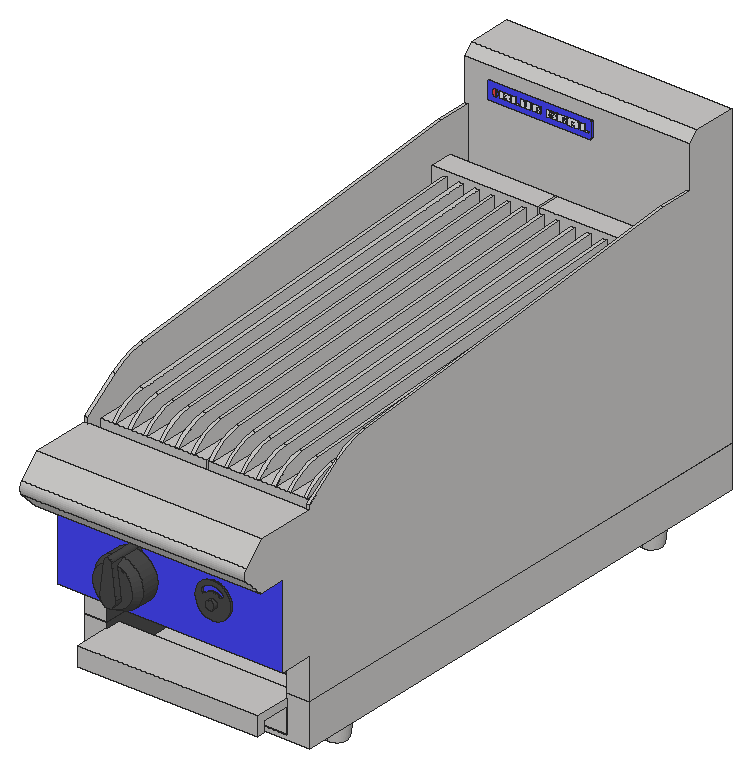
Revit family "QF_MOFFAT_BLUESEAL_AU_G592_B", category Specialty Equipment, Revit 2012
Parameters
  Weight in Pounds = 138
  URL Cutsheet = "www.moffat.com"
  URL = "www.moffat.com"
  Type Mark [instance] = ""
  Status [instance] = ""
  Specification by User [instance] = ""
  Specification by Manufacturer = ""
  Show Logo [instance] = yes
  Serial Number = ""
  Seismic Rating = ""
  SMACNA No = ""
  Revision Code [instance] = ""
  Omniclass Number and Title = ""
  NAFEM Spec ID Number = ""
  Model = "G592-B"
  Mechanical Remarks [instance] = ""
  Mechanical Connection Type [instance] = ""
  Masterspec = ""
  Manufacturer = "MOFFAT BLUESEAL"
  Item Number [instance] = ""
  Installed By [instance] = ""
  Identify Quantity as Lot [instance] = yes
  Gas Size = 1/2"
  Gas RI Height [instance] = 0 mm
  Gas KW = 9.8
  Gas Input [instance] = 31277.0 Btu/h
  Gas Connection Height = 0 mm
  Furnished By [instance] = ""
  Foodservice Equipment Identifier [instance] = yes
  Description = "300MM GAS CHARGRILL BENCH MOUNT"
  CSI MasterFormat = ""
  CSI Master Format = ""
  Body Finish = QF_Finishes_Stainless Steel
Reference planes
  plane 1 "BACK": y = 0
  plane 2: z = 0
  plane 3 "LEFT": x = 0
  plane 4 "RIGHT": x = 300
  plane 5 "FRONT": y = -812
  plane 6 "TOP": z = 630
  plane 7 "Center Y": x = 150
  plane 8 "Center X": y = -406
  plane 9: z = 485
  plane 10: x = 27.5
  plane 11: x = 272.5
  plane 12: y = -100
  plane 13: y = -625
Forms (mm)
  Extrusion 1, solid, material "QF_Finishes_Stainless Steel" <- "Body Finish"
    sketch origin (0, 0, -158) x (0, 1, 0) y (0, 0, 1)
      loop
        line (-748.2, 297.56) -> (-704.45, 297.56) -> (-704.45, 243.56) -> (0, 243.56) -> (0, 643) -> (-57.96, 643) -> (-70, 630.96) -> (-70, 434) -> (-704.45, 434) -> (-704.45, 472.56) -> (-784.2, 472.56) -> (-808.685, 448.074)
        arc (-808.685, 448.074) -> (-812.2, 439.589) -> (-808.685, 431.104) r 12
        line (-808.685, 431.104) -> (-785.201, 407.619) -> (-748.2, 407.619) -> (-748.2, 297.56)
      loop
        line (0, 187.56) -> (0, 242.766) -> (-704.45, 242.766) -> (-704.45, 187.56) -> (0, 187.56)
    from 0 to 300
  Revolve 2, solid, material "QF_Finishes_Stainless Steel" <- "Body Finish"
    sketch origin (27.5, -728, 0) x (0, 1, 0) y (0, 0, 1)
      loop
        line (85.093, 26.613) -> (88.8, 0) -> (103, 0) -> (103, 26.613) -> (85.093, 26.613)
      axis (103, 26.613) -> (103, 0)
    angle from 0 to 360
  Revolve 3, solid, material "QF_Finishes_Stainless Steel" <- "Body Finish"
    sketch origin (27.5, -210, 0) x (0, 1, 0) y (0, 0, 1)
      loop
        line (92.093, 26.613) -> (95.8, 0) -> (110, 0) -> (110, 26.613) -> (92.093, 26.613)
      axis (110, 26.613) -> (110, 0)
    angle from 0 to 360
  Extrusion 4, solid, material "QF_Finishes_Stainless Steel" <- "Body Finish"
    sketch origin (0, 0, -99) x (0, 1, 0) y (0, 0, 1)
      loop
        line (-70, 375) -> (-70, 516.56) -> (-113.86, 516.56) -> (-610.713, 468.718)
        arc (-610.713, 468.718) -> (-634.92, 463.296) -> (-657.048, 452.083) r 100
        line (-657.048, 452.083) -> (-704.45, 420.11) -> (-704.45, 375) -> (-70, 375)
    from 0 to 4.5
  Extrusion 5, solid, material "QF_Finishes_Stainless Steel" <- "Body Finish"
    sketch origin (300, 0, -98.388) x (0, -1, 0) y (0, 0, 1)
      loop
        line (70, 374.388) -> (704.45, 374.388) -> (704.45, 419.498) -> (657.048, 451.471)
        arc (657.048, 451.471) -> (634.92, 462.685) -> (610.713, 468.107) r 100
        line (610.713, 468.107) -> (113.86, 515.948) -> (70, 515.948) -> (70, 374.388)
    from 0 to 3
  Revolve 6, solid, material "QF_Finishes_Black"
    sketch origin (108, 7.8, -102.64) x (0, 1, 0) y (0, 0, 1)
      loop
        line (-789, 329.5) -> (-800, 323.651) -> (-800, 297) -> (-756, 297) -> (-756, 302) -> (-766, 302) -> (-766, 329.5) -> (-789, 329.5)
      axis (-800, 297) -> (-756, 297)
    angle from 0 to 360
  Extrusion 7, solid, material "QF_Finishes_Black"
    sketch origin (-30.113, 7.8, -102.64) x (1, 0, 0) y (0, 0, 1)
      loop
        line (148.532, 286.195) -> (143.111, 329.113)
        arc (143.111, 329.113) -> (138.113, 334) -> (133.114, 329.113) r 5
        line (133.114, 329.113) -> (127.625, 285.028)
        arc (127.625, 285.028) -> (138.697, 274.529) -> (148.532, 286.195) r 10.487
    from 759 to 808
  Extrusion 8, solid, material "QF_Finishes_Stainless Steel"
    sketch origin (276, 0, -98.388) x (0, 1, 0) y (0, 0, 1)
      loop
        line (-132, 410.364) -> (-132, 462.849) -> (-637.852, 432.53)
        arc (-637.852, 432.53) -> (-663.098, 425.97) -> (-684, 410.364) r 67.81
        line (-684, 410.364) -> (-132, 410.364)
    from 0 to 4.5
  Extrusion 9, solid, material "QF_Finishes_Stainless Steel"
    sketch origin (255, 0, -98.388) x (0, 1, 0) y (0, 0, 1)
      loop
        line (-132, 410.364) -> (-132, 462.849) -> (-637.852, 432.53)
        arc (-637.852, 432.53) -> (-663.098, 425.97) -> (-684, 410.364) r 67.81
        line (-684, 410.364) -> (-132, 410.364)
    from 0 to 4.5
  Extrusion 10, solid, material "QF_Finishes_Stainless Steel"
    sketch origin (234, 0, -98.388) x (0, 1, 0) y (0, 0, 1)
      loop
        line (-132, 410.364) -> (-132, 462.849) -> (-637.852, 432.53)
        arc (-637.852, 432.53) -> (-663.098, 425.97) -> (-684, 410.364) r 67.81
        line (-684, 410.364) -> (-132, 410.364)
    from 0 to 4.5
  Extrusion 11, solid, material "QF_Finishes_Stainless Steel"
    sketch origin (213, 0, -98.388) x (0, 1, 0) y (0, 0, 1)
      loop
        line (-132, 410.364) -> (-132, 462.849) -> (-637.852, 432.53)
        arc (-637.852, 432.53) -> (-663.098, 425.97) -> (-684, 410.364) r 67.81
        line (-684, 410.364) -> (-132, 410.364)
    from 0 to 4.5
  Extrusion 12, solid, material "QF_Finishes_Stainless Steel"
    sketch origin (192, 0, -98.388) x (0, 1, 0) y (0, 0, 1)
      loop
        line (-132, 410.364) -> (-132, 462.849) -> (-637.852, 432.53)
        arc (-637.852, 432.53) -> (-663.098, 425.97) -> (-684, 410.364) r 67.81
        line (-684, 410.364) -> (-132, 410.364)
    from 0 to 4.5
  Extrusion 13, solid, material "QF_Finishes_Stainless Steel"
    sketch origin (171, 0, -98.388) x (0, 1, 0) y (0, 0, 1)
      loop
        line (-132, 410.364) -> (-132, 462.849) -> (-637.852, 432.53)
        arc (-637.852, 432.53) -> (-663.098, 425.97) -> (-684, 410.364) r 67.81
        line (-684, 410.364) -> (-132, 410.364)
    from 0 to 4.5
  Extrusion 14, solid, material "QF_Finishes_Stainless Steel"
    sketch origin (150, 0, -98.388) x (0, 1, 0) y (0, 0, 1)
      loop
        line (-132, 410.364) -> (-132, 462.849) -> (-637.852, 432.53)
        arc (-637.852, 432.53) -> (-663.098, 425.97) -> (-684, 410.364) r 67.81
        line (-684, 410.364) -> (-132, 410.364)
    from 0 to 4.5
  Extrusion 15, solid, material "QF_Finishes_Stainless Steel"
    sketch origin (126, 0, -98.388) x (0, 1, 0) y (0, 0, 1)
      loop
        line (-132, 410.364) -> (-132, 462.849) -> (-637.852, 432.53)
        arc (-637.852, 432.53) -> (-663.098, 425.97) -> (-684, 410.364) r 67.81
        line (-684, 410.364) -> (-132, 410.364)
    from 0 to 4.5
  Extrusion 16, solid, material "QF_Finishes_Stainless Steel"
    sketch origin (105, 0, -98.388) x (0, 1, 0) y (0, 0, 1)
      loop
        line (-132, 410.364) -> (-132, 462.849) -> (-637.852, 432.53)
        arc (-637.852, 432.53) -> (-663.098, 425.97) -> (-684, 410.364) r 67.81
        line (-684, 410.364) -> (-132, 410.364)
    from 0 to 4.5
  Extrusion 17, solid, material "QF_Finishes_Stainless Steel"
    sketch origin (84, 0, -98.388) x (0, 1, 0) y (0, 0, 1)
      loop
        line (-132, 410.364) -> (-132, 462.849) -> (-637.852, 432.53)
        arc (-637.852, 432.53) -> (-663.098, 425.97) -> (-684, 410.364) r 67.81
        line (-684, 410.364) -> (-132, 410.364)
    from 0 to 4.5
  Extrusion 18, solid, material "QF_Finishes_Stainless Steel"
    sketch origin (63, 0, -98.388) x (0, 1, 0) y (0, 0, 1)
      loop
        line (-132, 410.364) -> (-132, 462.849) -> (-637.852, 432.53)
        arc (-637.852, 432.53) -> (-663.098, 425.97) -> (-684, 410.364) r 67.81
        line (-684, 410.364) -> (-132, 410.364)
    from 0 to 4.5
  Extrusion 19, solid, material "QF_Finishes_Stainless Steel"
    sketch origin (42, 0, -98.388) x (0, 1, 0) y (0, 0, 1)
      loop
        line (-132, 410.364) -> (-132, 462.849) -> (-637.852, 432.53)
        arc (-637.852, 432.53) -> (-663.098, 425.97) -> (-684, 410.364) r 67.81
        line (-684, 410.364) -> (-132, 410.364)
    from 0 to 4.5
  Extrusion 20, solid, material "QF_Finishes_Stainless Steel"
    sketch origin (21, 0, -98.388) x (0, 1, 0) y (0, 0, 1)
      loop
        line (-132, 410.364) -> (-132, 462.849) -> (-637.852, 432.53)
        arc (-637.852, 432.53) -> (-663.098, 425.97) -> (-684, 410.364) r 67.81
        line (-684, 410.364) -> (-132, 410.364)
    from 0 to 4.5
  Extrusion 21, solid, material "QF_Finishes_Stainless Steel"
    sketch origin (76, 3, -500) x (1, 0, 0) y (0, 1, 0)
      loop
        circle (140, -26) r 13.5
    from 539 to 585
  Extrusion 22, solid, material "QF_Finishes_Stainless Steel"
    sketch origin (0, 0, -98.388) x (0, 1, 0) y (0, 0, 1)
      loop
        line (-132, 410.364) -> (-684, 410.364) -> (-684, 375) -> (-102, 375) -> (-102, 470) -> (-132, 470) -> (-132, 410.364)
    from 4.5 to 147
  Extrusion 23, solid, material "QF_Finishes_Stainless Steel"
    sketch origin (145.5, 0, -98.388) x (0, 1, 0) y (0, 0, 1)
      loop
        line (-132, 410.364) -> (-684, 410.364) -> (-684, 375) -> (-102, 375) -> (-102, 470) -> (-132, 470) -> (-132, 410.364)
    from 4.5 to 151.5
  Extrusion 24, solid, material "QF_Finishes_Black"
    sketch origin (0, -748.2, 139.56) x (0, 0, 1) y (-1, 0, 0)
      loop
        circle (54.201, -208) r 23.9
      loop
        arc (61.56, -216.419) -> (60.7, -221.219) -> (65.5, -222.079) r 3.448
        arc (65.5, -222.079) -> (72.085, -207.341) -> (64.282, -193.209) r 18.095
        arc (64.282, -193.209) -> (59.56, -194.491) -> (60.875, -199.204) r 3.448
        arc (60.875, -199.204) -> (64.443, -207.683) -> (61.56, -216.419) r 13.109
    from 0 to 2
  Extrusion 25, solid, material "QF_Finishes_Black"
    sketch origin (0, -750.2, 139.56) x (0, 0, 1) y (-1, 0, 0)
      loop
        circle (50.701, -208) r 5.75
    from 0 to 5
  Extrusion 26, void
    sketch origin (0, -704.45, 85.56) x (0, 0, -1) y (-1, 0, 0)
      loop
        line (50, -30) -> (-49, -30) -> (-49, -270) -> (50, -270) -> (50, -30)
    from 0 to 100
  Extrusion 27, solid, material "QF_Finishes_Stainless Steel"
    sketch origin (30, -704.45, 30.56) x (0, 0, 1) y (0, -1, 0)
      loop
        line (23.144, 47.968) -> (23.144, 37.968) -> (38.144, 37.968) -> (38.144, 0) -> (6.348, 0) -> (6.348, -17.956) -> (48.144, -17.956) -> (48.144, 47.968) -> (23.144, 47.968)
    from 0 to 240
  Revolve 28, solid, material "QF_Finishes_Stainless Steel" <- "Body Finish"
    sketch origin (272.5, -728, 0) x (0, 1, 0) y (0, 0, 1)
      loop
        line (85.093, 26.613) -> (88.8, 0) -> (103, 0) -> (103, 26.613) -> (85.093, 26.613)
      axis (103, 26.613) -> (103, 0)
    angle from 0 to 360
  Revolve 29, solid, material "QF_Finishes_Stainless Steel" <- "Body Finish"
    sketch origin (272.5, -210, 0) x (0, 1, 0) y (0, 0, 1)
      loop
        line (92.093, 26.613) -> (95.8, 0) -> (110, 0) -> (110, 26.613) -> (92.093, 26.613)
      axis (110, 26.613) -> (110, 0)
    angle from 0 to 360
Cuts and joins
  joined: Revolve 6, Extrusion 7
  Extrusion 26 cuts Extrusion 1
  Extrusion 26 cuts Extrusion 4
  Extrusion 26 cuts Extrusion 5
  joined: Extrusion 1, Extrusion 4, Extrusion 5
Lines and regions (mm)
  Split face 1
    outline origin (300, 0, 485) x (-1, 0, 0) y (0, -1, 0)
      loop
        arc (24, 45.385) -> (15.34, 40.385) -> (15.34, 30.385) r 10
        line (15.34, 30.385) -> (19.381, 23.385)
        arc (19.381, 23.385) -> (23.041, 19.725) -> (28.041, 18.385) r 10
        line (28.041, 18.385) -> (256, 18.385)
        arc (256, 18.385) -> (264.66, 23.385) -> (264.66, 33.385) r 10
        line (264.66, 33.385) -> (260.619, 40.385)
        arc (260.619, 40.385) -> (256.959, 44.045) -> (251.959, 45.385) r 10
        line (251.959, 45.385) -> (24, 45.385)
  symbolic lines
    curve 1: line (0, 0, 0) -> (0, -812, 0)
    curve 2: line (300, 0, 0) -> (0, 0, 0)
    curve 3: line (300, -812, 0) -> (300, 0, 0)
    curve 4: line (0, -70, 0) -> (300, -70, 0)
    curve 5: line (0, -812, 0) -> (300, -812, 0)
    curve 6: line (300, -712, 0) -> (0, -712, 0)
    curve 7: line (4.5, -712, 0) -> (4.5, -70, 0)
    curve 8: line (297, -70, 0) -> (297, -712, 0)
    curve 9: line (0, -784.2, 0) -> (300, -784.2, 0)
    curve 10: line (297, -704.45, 0) -> (4.5, -704.45, 0)
    curve 11: line (0, -57.96, 0) -> (300, -57.96, 0)
    curve 12: line (276, -45.385, 0) -> (48.041, -45.385, 0)
    curve 13: arc (48.041, -45.385, 0) -> (43.041, -44.045, 0) -> (39.381, -40.385, 0) r 10
    curve 14: line (39.381, -40.385, 0) -> (35.34, -33.385, 0)
    curve 15: arc (35.34, -33.385, 0) -> (35.34, -23.385, 0) -> (44, -18.385, 0) r 10
    curve 16: line (44, -18.385, 0) -> (271.959, -18.385, 0)
    curve 17: arc (271.959, -18.385, 0) -> (276.959, -19.725, 0) -> (280.619, -23.385, 0) r 10
    curve 18: line (280.619, -23.385, 0) -> (284.66, -30.385, 0)
    curve 19: arc (284.66, -30.385, 0) -> (284.66, -40.385, 0) -> (276, -45.385, 0) r 10
    curve 20: line (150, -102, 0) -> (150, -684, 0)
    curve 21: line (297, -102, 0) -> (150, -102, 0)
    curve 22: line (21, -132, 0) -> (21, -684, 0)
    curve 23: line (42, -132, 0) -> (42, -684, 0)
    curve 24: line (63, -132, 0) -> (63, -684, 0)
    curve 25: line (84, -132, 0) -> (84, -684, 0)
    curve 26: line (105, -132, 0) -> (105, -684, 0)
    curve 27: line (126, -132, 0) -> (126, -684, 0)
    curve 28: line (154.5, -684, 0) -> (154.5, -132, 0)
    curve 29: line (171, -132, 0) -> (171, -684, 0)
    curve 30: line (192, -132, 0) -> (192, -684, 0)
    curve 31: line (213, -132, 0) -> (213, -684, 0)
    curve 32: line (234, -132, 0) -> (234, -684, 0)
    curve 33: line (255, -132, 0) -> (255, -684, 0)
    curve 34: line (276, -132, 0) -> (276, -684, 0)
    curve 35: line (150, -132, 0) -> (297, -132, 0)
    curve 36: line (150, -684, 0) -> (297, -684, 0)
    curve 37: line (4.5, -684, 0) -> (147, -684, 0)
    curve 38: line (4.5, -132, 0) -> (147, -132, 0)
    curve 39: line (147, -102, 0) -> (4.5, -102, 0)
    curve 40: line (147, -684, 0) -> (147, -102, 0)
Dimensions and locks
  equal spacing: plane 3 "LEFT", plane 7 "Center Y", plane 4 "RIGHT"
  plane 3 "LEFT" to plane 4 "RIGHT" = 300 mm
  equal spacing: plane 5 "FRONT", plane 8 "Center X", plane 1 "BACK"
  plane 5 "FRONT" to plane 1 "BACK" = 812 mm  (x2)
  equal spacing: plane 4 "RIGHT", plane 7 "Center Y", plane 3 "LEFT"
  plane 4 "RIGHT" to plane 3 "LEFT" = 300 mm
  Extrusion 21 to level = 39 mm
  Extrusion 21 to plane 1 "BACK" = 23 mm
  cut or joined group of Extrusion 1, Extrusion 4, Extrusion 5, Extrusion 26 to plane 1 "BACK" = 70 mm
  plane 9 to plane 2 = 485 mm
  plane 10 to plane 11 = 245 mm
  Extrusion 21 sketch curve to plane 1 "BACK" = 23 mm
  plane 3 "LEFT" to Extrusion 21 sketch curve = 216 mm
  plane 1 "BACK" to cut or joined group of Extrusion 1, Extrusion 4, Extrusion 5, Extrusion 26 = 70 mm
  plane 2 to Extrusion 21 = 39 mm
  plane 12 to plane 13 = 525 mm
  plane 1 "BACK" to plane 12 = 100 mm
  plane 2 to cut or joined group of Extrusion 1, Extrusion 4, Extrusion 5, Extrusion 26 = 29.56 mm
  cut or joined group of Extrusion 1, Extrusion 4, Extrusion 5, Extrusion 26 to plane 2 = 314.56 mm
  aligned and locked: level to plane 2
  aligned and locked: curve 3 to plane 4 "RIGHT"
Automatic sketch dimensions
  plane 1 "BACK" to curve 1 = 0 mm
  curve 1 to plane 3 "LEFT" = 0 mm
  plane 5 "FRONT" to curve 3 = 0 mm
  plane 3 "LEFT" to curve 7 = 4.5 mm
  plane 4 "RIGHT" to curve 8 = 3 mm
  curve 9 to plane 5 "FRONT" = 27.8 mm
  curve 8 to curve 10 = 7.55 mm
  plane 1 "BACK" to curve 7 = 70 mm
  Extrusion 1 sketch curve to plane 9 = 0 mm
  Extrusion 1 sketch curve to plane 1 "BACK" = 0 mm  (x2)
  plane 1 "BACK" to Extrusion 1 sketch curve = 57.96 mm
  Extrusion 1 sketch curve to plane 9 = 12.04 mm
  Extrusion 1 sketch curve to Extrusion 1 sketch curve = 12.04 mm
  Extrusion 1 sketch curve to plane 5 "FRONT" = 107.55 mm  (x2)
  Extrusion 1 sketch curve to Extrusion 1 sketch curve = 0 mm
  Extrusion 1 sketch curve to Extrusion 1 sketch curve = 43.75 mm
  Extrusion 1 sketch curve to plane 5 "FRONT" = 27.8 mm
  Extrusion 1 sketch curve to plane 5 "FRONT" = 26.799 mm
  Extrusion 1 sketch curve to plane 5 "FRONT" = 11.8 mm
  Extrusion 1 sketch curve to plane 5 "FRONT" = 3.315 mm  (x2)
  Extrusion 1 sketch curve to plane 9 = 170.44 mm
  Extrusion 1 sketch curve to Extrusion 1 sketch curve = 24.486 mm
  Extrusion 1 sketch curve to Extrusion 1 sketch curve = 8.485 mm
  Extrusion 1 sketch curve to Extrusion 1 sketch curve = 38.56 mm
  Extrusion 1 sketch curve to Extrusion 1 sketch curve = 26.381 mm
  Extrusion 1 sketch curve to Extrusion 1 sketch curve = 110.059 mm
  Extrusion 1 sketch curve to Extrusion 1 sketch curve = 54 mm
  Extrusion 1 sketch curve to Extrusion 1 sketch curve = 0.794 mm
  level to Extrusion 1 sketch curve = 29.56 mm
  Revolve 2 sketch curve to level = 0 mm  (x2)
  level to Revolve 2 sketch curve = 26.613 mm
  Revolve 2 sketch curve to plane 5 "FRONT" = 169.093 mm
  Revolve 2 sketch curve to Revolve 2 sketch curve = 3.707 mm
  Revolve 2 sketch curve to Revolve 2 sketch curve = 17.907 mm
  Revolve 2 sketch curve to Revolve 2 sketch curve = 0 mm  (x2)
  Revolve 3 sketch curve to level = 0 mm
  level to Revolve 3 sketch curve = 26.613 mm
  plane 1 "BACK" to Revolve 3 sketch curve = 117.907 mm
  Revolve 3 sketch curve to Revolve 3 sketch curve = 3.707 mm
  Revolve 3 sketch curve to Revolve 3 sketch curve = 17.907 mm
  Revolve 3 sketch curve to Revolve 3 sketch curve = 14.2 mm
  Revolve 3 sketch curve to Revolve 3 sketch curve = 55 mm
  Revolve 3 sketch curve to Revolve 3 sketch curve = 23.387 mm
  Extrusion 4 sketch curve to plane 5 "FRONT" = 107.55 mm
  Extrusion 4 sketch curve to Extrusion 4 sketch curve = 47.402 mm
  Extrusion 4 sketch curve to Extrusion 4 sketch curve = 46.335 mm
  Extrusion 4 sketch curve to Extrusion 4 sketch curve = 55.919 mm
  plane 1 "BACK" to Extrusion 4 sketch curve = 113.86 mm
  plane 1 "BACK" to Extrusion 4 sketch curve = 70 mm
  Extrusion 4 sketch curve to plane 9 = 214.821 mm
  Extrusion 4 sketch curve to Extrusion 4 sketch curve = 5.821 mm
  Extrusion 4 sketch curve to Extrusion 4 sketch curve = 45.11 mm
  Extrusion 4 sketch curve to Extrusion 4 sketch curve = 31.973 mm
  Extrusion 4 sketch curve to plane 9 = 67.44 mm
  plane 1 "BACK" to Extrusion 5 sketch curve = 70 mm
  Extrusion 5 sketch curve to Extrusion 5 sketch curve = 43.86 mm
  Extrusion 5 sketch curve to plane 8 "Center X" = 195.129 mm
  Extrusion 5 sketch curve to Extrusion 5 sketch curve = 9.585 mm
  Extrusion 5 sketch curve to Extrusion 5 sketch curve = 46.335 mm
  Extrusion 5 sketch curve to Extrusion 5 sketch curve = 47.402 mm
  Extrusion 5 sketch curve to plane 9 = 214.821 mm
  Extrusion 5 sketch curve to Extrusion 5 sketch curve = 5.821 mm
  Extrusion 5 sketch curve to Extrusion 5 sketch curve = 45.11 mm
  Extrusion 5 sketch curve to Extrusion 5 sketch curve = 31.973 mm
  Extrusion 5 sketch curve to plane 9 = 67.44 mm
  Revolve 6 sketch curve to plane 5 "FRONT" = 19.8 mm
  Revolve 6 sketch curve to Revolve 6 sketch curve = 0 mm  (x2)
  Revolve 6 sketch curve to Revolve 6 sketch curve = 11 mm
  Revolve 6 sketch curve to Revolve 6 sketch curve = 12.7 mm
  Revolve 6 sketch curve to Revolve 6 sketch curve = 23 mm
  Revolve 6 sketch curve to Revolve 6 sketch curve = 10 mm
  level to Revolve 6 sketch curve = 194.36 mm
  Revolve 6 sketch curve to Revolve 6 sketch curve = 5 mm
  Revolve 6 sketch curve to Revolve 6 sketch curve = 26.651 mm
  Revolve 6 sketch curve to Revolve 6 sketch curve = 5.849 mm
  Extrusion 7 sketch curve to plane 7 "Center Y" = 52.487 mm
  Extrusion 7 sketch curve to Extrusion 7 sketch curve = 5.489 mm
  Extrusion 7 sketch curve to Extrusion 7 sketch curve = 4.999 mm  (x2)
  Extrusion 7 sketch curve to Extrusion 7 sketch curve = 10.487 mm
  Extrusion 7 sketch curve to Extrusion 7 sketch curve = 10.419 mm
  level to Extrusion 7 sketch curve = 182.36 mm
  Extrusion 7 sketch curve to Extrusion 7 sketch curve = 0.028 mm
  Extrusion 7 sketch curve to Extrusion 7 sketch curve = 44 mm
  Extrusion 7 sketch curve to Extrusion 7 sketch curve = 0.113 mm
  Extrusion 8 sketch curve to plane 5 "FRONT" = 128 mm
  Extrusion 8 sketch curve to Extrusion 8 sketch curve = 46.148 mm
  Extrusion 8 sketch curve to Extrusion 8 sketch curve = 4.114 mm
  plane 1 "BACK" to Extrusion 8 sketch curve = 132 mm
  Extrusion 8 sketch curve to plane 9 = 218.543 mm
  Extrusion 8 sketch curve to plane 9 = 173.025 mm
  Extrusion 8 sketch curve to Extrusion 8 sketch curve = 52.486 mm
  Extrusion 9 sketch curve to plane 5 "FRONT" = 128 mm
  Extrusion 9 sketch curve to Extrusion 9 sketch curve = 46.148 mm
  Extrusion 9 sketch curve to Extrusion 9 sketch curve = 4.114 mm
  plane 1 "BACK" to Extrusion 9 sketch curve = 132 mm
  Extrusion 9 sketch curve to plane 9 = 218.543 mm
  Extrusion 9 sketch curve to plane 9 = 173.025 mm
  Extrusion 9 sketch curve to Extrusion 9 sketch curve = 52.486 mm
  Extrusion 10 sketch curve to plane 5 "FRONT" = 128 mm
  Extrusion 10 sketch curve to Extrusion 10 sketch curve = 46.148 mm
  Extrusion 10 sketch curve to Extrusion 10 sketch curve = 4.114 mm
  plane 1 "BACK" to Extrusion 10 sketch curve = 132 mm
  Extrusion 10 sketch curve to plane 9 = 218.543 mm
  Extrusion 10 sketch curve to plane 9 = 173.025 mm
  Extrusion 10 sketch curve to Extrusion 10 sketch curve = 52.486 mm
  Extrusion 11 sketch curve to plane 5 "FRONT" = 128 mm
  Extrusion 11 sketch curve to Extrusion 11 sketch curve = 46.148 mm
  Extrusion 11 sketch curve to Extrusion 11 sketch curve = 4.114 mm
  plane 1 "BACK" to Extrusion 11 sketch curve = 132 mm
  Extrusion 11 sketch curve to plane 9 = 218.543 mm
  Extrusion 11 sketch curve to plane 9 = 173.025 mm
  Extrusion 11 sketch curve to Extrusion 11 sketch curve = 52.486 mm
  Extrusion 12 sketch curve to plane 5 "FRONT" = 128 mm
  Extrusion 12 sketch curve to Extrusion 12 sketch curve = 46.148 mm
  Extrusion 12 sketch curve to Extrusion 12 sketch curve = 4.114 mm
  plane 1 "BACK" to Extrusion 12 sketch curve = 132 mm
  Extrusion 12 sketch curve to plane 9 = 218.543 mm
  Extrusion 12 sketch curve to plane 9 = 173.025 mm
  Extrusion 12 sketch curve to Extrusion 12 sketch curve = 52.486 mm
  Extrusion 13 sketch curve to plane 5 "FRONT" = 128 mm
  Extrusion 13 sketch curve to Extrusion 13 sketch curve = 46.148 mm
  Extrusion 13 sketch curve to Extrusion 13 sketch curve = 50.262 mm
  plane 1 "BACK" to Extrusion 13 sketch curve = 132 mm
  Extrusion 13 sketch curve to plane 9 = 218.543 mm
  Extrusion 13 sketch curve to plane 9 = 173.025 mm
  Extrusion 13 sketch curve to Extrusion 13 sketch curve = 52.486 mm
  Extrusion 14 sketch curve to plane 5 "FRONT" = 128 mm
  Extrusion 14 sketch curve to Extrusion 14 sketch curve = 46.148 mm
  Extrusion 14 sketch curve to Extrusion 14 sketch curve = 50.262 mm
  plane 1 "BACK" to Extrusion 14 sketch curve = 132 mm
  Extrusion 14 sketch curve to plane 9 = 218.543 mm
  Extrusion 14 sketch curve to plane 9 = 173.025 mm
  Extrusion 14 sketch curve to Extrusion 14 sketch curve = 52.486 mm
  Extrusion 15 sketch curve to plane 5 "FRONT" = 128 mm
  Extrusion 15 sketch curve to Extrusion 15 sketch curve = 46.148 mm
  Extrusion 15 sketch curve to Extrusion 15 sketch curve = 4.114 mm
  plane 1 "BACK" to Extrusion 15 sketch curve = 132 mm
  Extrusion 15 sketch curve to plane 9 = 218.543 mm
  Extrusion 15 sketch curve to plane 9 = 173.025 mm
  Extrusion 15 sketch curve to Extrusion 15 sketch curve = 52.486 mm
  Extrusion 16 sketch curve to plane 5 "FRONT" = 128 mm
  Extrusion 16 sketch curve to Extrusion 16 sketch curve = 46.148 mm
  Extrusion 16 sketch curve to Extrusion 16 sketch curve = 4.114 mm
  plane 1 "BACK" to Extrusion 16 sketch curve = 132 mm
  Extrusion 16 sketch curve to plane 9 = 218.543 mm
  Extrusion 16 sketch curve to plane 9 = 173.025 mm
  Extrusion 16 sketch curve to Extrusion 16 sketch curve = 52.486 mm
  Extrusion 17 sketch curve to plane 5 "FRONT" = 128 mm
  Extrusion 17 sketch curve to Extrusion 17 sketch curve = 46.148 mm
  Extrusion 17 sketch curve to Extrusion 17 sketch curve = 4.114 mm
  plane 1 "BACK" to Extrusion 17 sketch curve = 132 mm
  Extrusion 17 sketch curve to plane 9 = 218.543 mm
  Extrusion 17 sketch curve to plane 9 = 173.025 mm
  Extrusion 17 sketch curve to Extrusion 17 sketch curve = 52.486 mm
  Extrusion 18 sketch curve to plane 5 "FRONT" = 128 mm
  Extrusion 18 sketch curve to Extrusion 18 sketch curve = 46.148 mm
  Extrusion 18 sketch curve to Extrusion 18 sketch curve = 4.114 mm
  plane 1 "BACK" to Extrusion 18 sketch curve = 132 mm
  Extrusion 18 sketch curve to plane 9 = 218.543 mm
  Extrusion 18 sketch curve to plane 9 = 173.025 mm
  Extrusion 18 sketch curve to Extrusion 18 sketch curve = 52.486 mm
  Extrusion 19 sketch curve to plane 5 "FRONT" = 128 mm
  Extrusion 19 sketch curve to Extrusion 19 sketch curve = 46.148 mm
  Extrusion 19 sketch curve to Extrusion 19 sketch curve = 4.114 mm
  plane 1 "BACK" to Extrusion 19 sketch curve = 132 mm
  Extrusion 19 sketch curve to plane 9 = 218.543 mm
  Extrusion 19 sketch curve to plane 9 = 173.025 mm
  Extrusion 19 sketch curve to Extrusion 19 sketch curve = 52.486 mm
  Extrusion 20 sketch curve to plane 5 "FRONT" = 128 mm
  Extrusion 20 sketch curve to Extrusion 20 sketch curve = 46.148 mm
  Extrusion 20 sketch curve to Extrusion 20 sketch curve = 4.114 mm
  plane 1 "BACK" to Extrusion 20 sketch curve = 132 mm
  Extrusion 20 sketch curve to plane 9 = 218.543 mm
  Extrusion 20 sketch curve to plane 9 = 173.025 mm
  Extrusion 20 sketch curve to Extrusion 20 sketch curve = 52.486 mm
  Extrusion 22 sketch curve to plane 5 "FRONT" = 128 mm
  plane 1 "BACK" to Extrusion 22 sketch curve = 132 mm
  Extrusion 22 sketch curve to Extrusion 22 sketch curve = 30 mm
  Extrusion 22 sketch curve to plane 9 = 208.388 mm
  Extrusion 22 sketch curve to Extrusion 22 sketch curve = 35.364 mm
  Extrusion 22 sketch curve to Extrusion 22 sketch curve = 59.636 mm
  Extrusion 23 sketch curve to plane 5 "FRONT" = 128 mm
  plane 1 "BACK" to Extrusion 23 sketch curve = 132 mm
  Extrusion 23 sketch curve to Extrusion 23 sketch curve = 30 mm
  Extrusion 23 sketch curve to plane 9 = 208.388 mm
  Extrusion 23 sketch curve to Extrusion 23 sketch curve = 35.364 mm
  Extrusion 23 sketch curve to Extrusion 23 sketch curve = 59.636 mm
  Extrusion 1 to Extrusion 24 sketch curve = 51.343 mm
  Extrusion 24 sketch curve to Extrusion 24 sketch curve = 2.662 mm
  Extrusion 24 sketch curve to Extrusion 24 sketch curve = 0.195 mm
  Extrusion 24 sketch curve to Extrusion 24 sketch curve = 6.674 mm
  Extrusion 24 sketch curve to Extrusion 24 sketch curve = 7.359 mm
  Extrusion 24 sketch curve to Extrusion 24 sketch curve = 1.683 mm
  Extrusion 24 sketch curve to Extrusion 24 sketch curve = 1.97 mm  (x2)
  Extrusion 24 sketch curve to Extrusion 24 sketch curve = 1.724 mm
  Extrusion 1 to Extrusion 24 sketch curve = 77.921 mm
  Extrusion 24 sketch curve to Extrusion 24 sketch curve = 2.83 mm
  Extrusion 24 sketch curve to Extrusion 24 sketch curve = 8.215 mm
  Extrusion 24 sketch curve to Extrusion 24 sketch curve = 0.102 mm
  Extrusion 24 sketch curve to Extrusion 24 sketch curve = 0.103 mm
  Extrusion 26 sketch curve to Extrusion 1 = 5 mm
  Extrusion 26 sketch curve to Extrusion 1 = 50 mm
  Extrusion 26 sketch curve to Extrusion 1 = 30 mm  (x2)
  Extrusion 27 sketch curve to Extrusion 26 = 0 mm
  Extrusion 26 to Extrusion 27 sketch curve = 1.348 mm
  Extrusion 26 to Extrusion 27 sketch curve = 18.144 mm
  Extrusion 27 sketch curve to Extrusion 27 sketch curve = 15 mm
  Extrusion 27 sketch curve to Extrusion 27 sketch curve = 10 mm  (x2)
  Extrusion 26 to Extrusion 27 sketch curve = 17.956 mm
  Extrusion 27 sketch curve to Extrusion 26 = 37.968 mm
  Split face 1 sketch curve to cut or joined group of Extrusion 1, Extrusion 4, Extrusion 5, Extrusion 26 = 15.34 mm
  Split face 1 sketch curve to Split face 1 sketch curve = 4.041 mm  (x4)
  Split face 1 sketch curve to Split face 1 sketch curve = 8.66 mm  (x2)
  Split face 1 sketch curve to cut or joined group of Extrusion 1, Extrusion 4, Extrusion 5, Extrusion 26 = 12.575 mm
  Split face 1 sketch curve to cut or joined group of Extrusion 1, Extrusion 4, Extrusion 5, Extrusion 26 = 48.041 mm
  Split face 1 sketch curve to cut or joined group of Extrusion 1, Extrusion 4, Extrusion 5, Extrusion 26 = 17.575 mm
  Split face 1 sketch curve to Split face 1 sketch curve = 7 mm  (x3)
  Split face 1 sketch curve to Split face 1 sketch curve = 15 mm
  Revolve 28 sketch curve to level = 0 mm  (x2)
  level to Revolve 28 sketch curve = 26.613 mm
  Revolve 28 sketch curve to plane 5 "FRONT" = 169.093 mm
  Revolve 28 sketch curve to Revolve 28 sketch curve = 3.707 mm
  Revolve 28 sketch curve to Revolve 28 sketch curve = 17.907 mm
  Revolve 28 sketch curve to Revolve 28 sketch curve = 0 mm  (x2)
  Revolve 29 sketch curve to level = 0 mm
  level to Revolve 29 sketch curve = 26.613 mm
  plane 1 "BACK" to Revolve 29 sketch curve = 117.907 mm
  Revolve 29 sketch curve to Revolve 29 sketch curve = 3.707 mm
  Revolve 29 sketch curve to Revolve 29 sketch curve = 17.907 mm
  Revolve 29 sketch curve to Revolve 29 sketch curve = 14.2 mm
  Revolve 29 sketch curve to Revolve 29 sketch curve = 55 mm
  Revolve 29 sketch curve to Revolve 29 sketch curve = 23.387 mm
  curve 4 to curve 11 = 12.04 mm
  plane 10 to curve 14 = 7.84 mm
  curve 15 to curve 14 = 4.041 mm
  curve 15 to curve 15 = 8.66 mm
  curve 15 to curve 13 = 4.041 mm
  plane 11 to curve 17 = 0.541 mm
  curve 19 to plane 11 = 3.5 mm
  curve 17 to plane 11 = 8.119 mm
  curve 18 to curve 18 = 4.041 mm
  plane 1 "BACK" to curve 13 = 45.385 mm
  curve 12 to curve 14 = 5 mm
  curve 12 to curve 19 = 10 mm
  curve 13 to curve 15 = 7 mm  (x2)
  curve 19 to curve 17 = 7 mm
  curve 20 to plane 7 "Center Y" = 0 mm
  plane 13 to curve 20 = 59 mm
  plane 12 to curve 21 = 2 mm
  curve 22 to plane 10 = 6.5 mm
  plane 10 to curve 23 = 14.5 mm
  curve 23 to curve 24 = 21 mm
  curve 24 to curve 25 = 21 mm
  curve 25 to curve 26 = 21 mm
  curve 26 to curve 27 = 21 mm
  curve 20 to curve 28 = 4.5 mm
  curve 28 to curve 29 = 16.5 mm
  curve 29 to curve 30 = 21 mm
  curve 30 to curve 31 = 21 mm
  curve 31 to curve 32 = 21 mm
  plane 11 to curve 33 = 17.5 mm
  curve 34 to plane 11 = 3.5 mm
  curve 26 to curve 20 = 0 mm
  curve 10 to curve 34 = 20.45 mm
  plane 12 to curve 22 = 32 mm
  curve 27 to curve 35 = 0 mm
  curve 37 to plane 7 "Center Y" = 3 mm
  plane 12 to curve 39 = 2 mm
  radius of Extrusion 21 sketch curve = 13.5 mm
  radius of Extrusion 24 sketch curve = 23.9 mm
  radius of Extrusion 25 sketch curve = 5.75 mm
Nested families
  nested 1: "WALDORF LOGO_FACE BASE" at (31.993, -70, 456.445) x (1, 0, 0) z (0, -1, 0), visible <- "Show Logo", type "WALDORF LOGO_FACE BASE", detail levels medium+fine
    with Show Logo yes
Connectors
  piping at (216, -23, 39)
    settings: on Extrusion 21, index 1, connector radius 0.37402", flow factor 0, pipe flow 0 GPM, pressure drop 0.00 psi, fitting loss kfactor 0, connector angle 0.00°, fixture units 0, engagement length 0 mm, flow configuration 1, flow direction 1, fitting loss method 0, system type 7, joint type 0, gender type 0, connector reference index -1, connector utility 0, adjustable connector no, is connector primary yes, fitting loss table "", connector description "GAS CONNECTION"
Definition of nested family "WALDORF LOGO_FACE BASE"
  Parameters (values of type "WALDORF LOGO_FACE BASE")
    Show Logo [instance] = yes
    Default Elevation = 1219.2 mm
  Reference planes
    plane 1 "Center (Front/Back)": y = 0
    plane 2: z = 0
    plane 3 "Center (Left/Right)": x = 0
  Forms (mm)
    Extrusion 1, solid
      sketch origin (0, 0, 0) x (1, 0, 0) y (0, 1, 0)
        loop
          line (-1219.2, 1219.2) -> (-1219.2, -1219.2) -> (1219.2, -1219.2) -> (1219.2, 1219.2) -> (-1219.2, 1219.2)
      from 0 to -304.8
    Extrusion 2, solid, material "QF_Finishes_Blue", visible <- "Show Logo"
      sketch origin (0, -33.217, 0) x (1, 0, 0) y (0, 1, 0)
        loop
          arc (138, 31.942) -> (137.626, 32.844) -> (136.724, 33.217) r 1.276
          line (136.724, 33.217) -> (1.29, 33.217)
          arc (1.29, 33.217) -> (0.378, 32.839) -> (0, 31.927) r 1.29
          line (0, 31.927) -> (0, 11.507)
          arc (0, 11.507) -> (0.378, 10.595) -> (1.29, 10.217) r 1.29
          line (1.29, 10.217) -> (136.71, 10.217)
          arc (136.71, 10.217) -> (137.622, 10.595) -> (138, 11.507) r 1.29
          line (138, 11.507) -> (138, 31.942)
      from 0 to 1.588
    Extrusion 3, solid, material "QF_Finishes_White", visible <- "Show Logo"
      sketch origin (0, -33.217, 1.588) x (1, 0, 0) y (0, 1, 0)
        loop
          arc (108.946, 25.919) -> (107.613, 25.367) -> (107.061, 24.034) r 1.885
          line (107.061, 24.034) -> (107.061, 17.211) -> (112.704, 17.211) -> (112.704, 19.129) -> (115.546, 19.129) -> (115.546, 17.211) -> (121.584, 17.211) -> (121.584, 24.075)
          arc (121.584, 24.075) -> (121.043, 25.379) -> (119.739, 25.919) r 1.845
          line (119.739, 25.919) -> (108.946, 25.919)
        loop
          line (123.478, 25.919) -> (123.478, 17.163) -> (134.904, 17.163) -> (134.904, 19.129) -> (129.246, 19.129) -> (129.246, 25.919) -> (123.478, 25.919)
        loop
          line (112.704, 21.258) -> (115.546, 21.258) -> (115.546, 22.702)
          arc (115.546, 22.702) -> (115.344, 23.188) -> (114.858, 23.389) r 0.687
          line (114.858, 23.389) -> (113.363, 23.389)
          arc (113.363, 23.389) -> (112.897, 23.196) -> (112.704, 22.73) r 0.658
          line (112.704, 22.73) -> (112.704, 21.258)
        loop
          line (105.071, 25.919) -> (93.771, 25.919) -> (93.771, 17.163) -> (105.071, 17.163) -> (105.071, 19.063) -> (99.535, 19.063) -> (99.535, 20.437) -> (105.071, 20.437) -> (105.071, 22.278) -> (99.535, 22.278) -> (99.535, 23.587) -> (105.071, 23.587) -> (105.071, 25.919)
        loop
          line (91.104, 25.919) -> (79.541, 25.919)
          arc (79.541, 25.919) -> (78.558, 25.513) -> (78.152, 24.53) r 1.389
          line (78.152, 24.53) -> (78.152, 22.08)
          arc (78.152, 22.08) -> (78.558, 21.098) -> (79.541, 20.691) r 1.389
          line (79.541, 20.691) -> (86.346, 20.691) -> (86.346, 18.864) -> (83.266, 18.864) -> (83.266, 19.664) -> (78.152, 19.664) -> (78.152, 18.553)
          arc (78.152, 18.553) -> (78.558, 17.57) -> (79.541, 17.163) r 1.389
          line (79.541, 17.163) -> (91.063, 17.163)
          arc (91.063, 17.163) -> (92.045, 17.57) -> (92.452, 18.553) r 1.389
          line (92.452, 18.553) -> (92.452, 20.691)
          arc (92.452, 20.691) -> (92.045, 21.673) -> (91.063, 22.08) r 1.389
          line (91.063, 22.08) -> (83.266, 22.08) -> (83.266, 23.984) -> (86.346, 23.984) -> (86.346, 22.743) -> (92.452, 22.743) -> (92.452, 24.571)
          arc (92.452, 24.571) -> (92.057, 25.524) -> (91.104, 25.919) r 1.348
        loop
          line (70.705, 25.919) -> (59.405, 25.919) -> (59.405, 17.163) -> (70.705, 17.163) -> (70.705, 19.063) -> (65.169, 19.063) -> (65.169, 20.437) -> (70.705, 20.437) -> (70.705, 22.278) -> (65.169, 22.278) -> (65.169, 23.587) -> (70.705, 23.587) -> (70.705, 25.919)
        loop
          line (57.598, 25.919) -> (51.7, 25.919) -> (51.7, 20.18)
          arc (51.7, 20.18) -> (50.63, 19.11) -> (49.56, 20.18) r 1.07
          line (49.56, 20.18) -> (49.56, 25.919) -> (43.663, 25.919) -> (43.663, 19.049)
          arc (43.663, 19.049) -> (44.215, 17.716) -> (45.548, 17.163) r 1.885
          line (45.548, 17.163) -> (55.71, 17.163)
          arc (55.71, 17.163) -> (57.045, 17.716) -> (57.598, 19.051) r 1.887
          line (57.598, 19.051) -> (57.598, 25.919)
        loop
          line (31.62, 25.919) -> (31.62, 17.163) -> (43.046, 17.163) -> (43.046, 19.129) -> (37.388, 19.129) -> (37.388, 25.919) -> (31.62, 25.919)
        loop
          line (15.969, 25.919) -> (15.969, 17.163) -> (28.693, 17.163)
          arc (28.693, 17.163) -> (29.812, 17.627) -> (30.276, 18.746) r 1.582
          line (30.276, 18.746) -> (30.276, 20.447) -> (29.48, 21.243) -> (30.276, 22.039) -> (30.276, 24.332)
          arc (30.276, 24.332) -> (29.811, 25.454) -> (28.688, 25.919) r 1.587
          line (28.688, 25.919) -> (15.969, 25.919)
        loop
          line (21.449, 24.159) -> (21.449, 22.436) -> (23.862, 22.436)
          arc (23.862, 22.436) -> (24.723, 23.298) -> (23.862, 24.159) r 0.861
          line (23.862, 24.159) -> (21.449, 24.159)
        loop
          line (21.449, 20.244) -> (21.449, 18.522) -> (23.862, 18.522)
          arc (23.862, 18.522) -> (24.723, 19.383) -> (23.862, 20.244) r 0.861
          line (23.862, 20.244) -> (21.449, 20.244)
      from 0 to 0.2
    Extrusion 4, solid, material "QF_Finishes_Blue", visible <- "Show Logo"
      sketch origin (-126.498, -31.09, 1.588) x (1, 0, 0) y (0, 1, 0)
        loop
          line (136.738, 23.522) -> (136.738, 15.1)
          arc (136.738, 15.1) -> (140.756, 19.311) -> (136.738, 23.522) r 4.216
      from 0 to 0.2
    Extrusion 5, solid, material "QF_Finishes_Red", visible <- "Show Logo"
      sketch origin (146.849, -31.09, 1.588) x (-1, 0, 0) y (0, -1, 0)
        loop
          arc (136.738, -23.522) -> (140.756, -19.311) -> (136.738, -15.1) r 4.216
          line (136.738, -15.1) -> (136.738, -23.522)
      from 0 to 0.2
  Lines and regions (mm)
    Split face 1
      outline origin (-90.35, -30.793, 1.588) x (1, 0, 0) y (0, 1, 0)
        loop
          circle (100.54, 19.013) r 4.536
  Dimensions and locks
    aligned and locked: plane 2 to Extrusion 1
    aligned and locked: level to Extrusion 1
